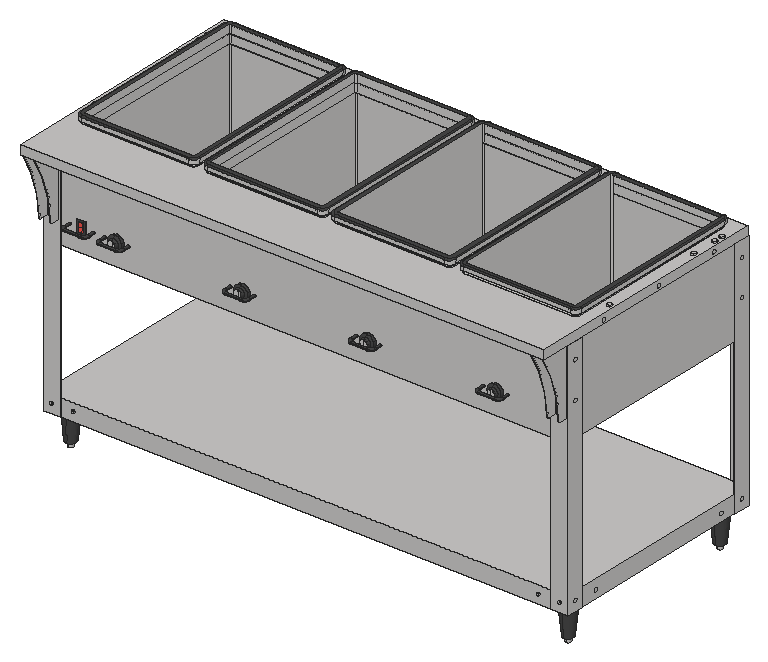
Revit family "QF_VOLLRATH_38218_SERVEWELL_SL_HOT_FOOD_TABLE", category Specialty Equipment, Revit 2022 (continued)
Definition of nested family "QF_VOLLRATH_38203"
  Automatic sketch dimensions
    Revolve 12 sketch curve to Revolve 12 sketch curve = 0.41678"
    Revolve 12 sketch curve to Revolve 12 sketch curve = 0.08253"
    Revolve 12 sketch curve to Revolve 12 sketch curve = 0.3109"
    Revolve 12 sketch curve to plane 10 = 0.12717"
    Revolve 12 sketch curve to Revolve 12 sketch curve = 1/16"
    Revolve 12 sketch curve to Revolve 12 sketch curve = 0"
    Sweep 13 sketch curve to plane 10 = 0"  (x2)
    Sweep 13 sketch curve to plane 10 = 0.83521"
    Sweep 13 sketch curve to plane 7 "Center Y" = 8.758"
    Sweep 13 sketch curve to Sweep 13 sketch curve = 0.41479"
    Sweep 13 sketch curve to plane 10 = 107/128"
    Sweep 13 sketch curve to Sweep 13 sketch curve = 1.92114"
    Sweep 13 sketch curve to profile plane = 0"
    level to Sweep 13 sketch curve = 24 7/16"
    Revolve 14 sketch curve to plane 10 = 0"
    Revolve 14 sketch curve to plane 10 = 0.30475"
    Revolve 14 sketch curve to Revolve 14 sketch curve = 0.13723"
    Revolve 14 sketch curve to Revolve 14 sketch curve = 0.30802"
    Revolve 14 sketch curve to plane 6 "TOP" = 8.74527"
    Revolve 14 sketch curve to Revolve 14 sketch curve = 0.3109"
    Revolve 14 sketch curve to Revolve 14 sketch curve = 0.08253"
    Revolve 14 sketch curve to Revolve 14 sketch curve = 0.41678"
    Revolve 14 sketch curve to plane 10 = 0.12717"
    Revolve 14 sketch curve to Revolve 14 sketch curve = 1/16"
    Revolve 14 sketch curve to Revolve 14 sketch curve = 0"
    Sweep 15 sketch curve to plane 10 = 0"  (x2)
    Sweep 15 sketch curve to plane 10 = 0.83521"
    plane 14 to Sweep 15 sketch curve = 5 1/2"
    Sweep 15 sketch curve to Sweep 15 sketch curve = 0.41479"
    Sweep 15 sketch curve to plane 10 = 107/128"
    Sweep 15 sketch curve to Sweep 15 sketch curve = 1.92114"
    Sweep 15 sketch curve to profile plane = 0"
    level to Sweep 15 sketch curve = 24 7/16"
    Extrusion 2 to Extrusion 16 sketch curve = 1.87224"
    Extrusion 2 to Extrusion 16 sketch curve = 3.81326"
    Extrusion 16 sketch curve to Extrusion 16 sketch curve = 0.29169"
    Extrusion 16 sketch curve to Extrusion 16 sketch curve = 0.41524"
    Extrusion 16 sketch curve to Extrusion 16 sketch curve = 0.29307"
    Extrusion 16 sketch curve to Extrusion 16 sketch curve = 0.27955"
    Extrusion 16 sketch curve to Extrusion 16 sketch curve = 1 1/64"
    Extrusion 16 sketch curve to Extrusion 16 sketch curve = 0.20483"
    Extrusion 17 sketch curve to Extrusion 16 = 0"  (x2)
    Extrusion 17 sketch curve to Extrusion 16 = 0.06481"
    Extrusion 17 sketch curve to Extrusion 16 = 0.46361"
    Extrusion 16 to Extrusion 17 sketch curve = 0.00006"
    Extrusion 17 sketch curve to Extrusion 16 = 0.14238"
    Sweep 18 sketch curve to plane 10 = 0"  (x2)
    Sweep 18 sketch curve to plane 10 = 0.83521"
    plane 12 to Sweep 18 sketch curve = 1 15/32"
    Sweep 18 sketch curve to Sweep 18 sketch curve = 0.41479"
    Sweep 18 sketch curve to plane 10 = 107/128"
    Sweep 18 sketch curve to Sweep 18 sketch curve = 1.92114"
    Sweep 18 sketch curve to profile plane = 0"
    level to Sweep 18 sketch curve = 24 7/16"
    Split face 1 sketch curve to cut or joined group of Extrusion 2, Extrusion 3, Extrusion 4 = 4.12648"
    Split face 1 sketch curve to Split face 1 sketch curve = 7/16"
    cut or joined group of Extrusion 2, Extrusion 3, Extrusion 4 to Split face 1 sketch curve = 7.43183"
    Split face 1 sketch curve to Split face 1 sketch curve = 1"
    Split face 2 sketch curve to cut or joined group of Extrusion 2, Extrusion 3, Extrusion 4 = 3.3811"
    cut or joined group of Extrusion 2, Extrusion 3, Extrusion 4 to Split face 2 sketch curve = 7.88431"
    Split face 3 sketch curve to cut or joined group of Extrusion 2, Extrusion 3, Extrusion 4 = 4.12648"
    Split face 3 sketch curve to Split face 3 sketch curve = 7/16"
    cut or joined group of Extrusion 2, Extrusion 3, Extrusion 4 to Split face 3 sketch curve = 20.44317"
    Split face 3 sketch curve to Split face 3 sketch curve = 1"
    Split face 4 sketch curve to Split face 4 sketch curve = 0"  (x2)
    Split face 4 sketch curve to cut or joined group of Extrusion 2, Extrusion 3, Extrusion 4 = 3.3811"
    cut or joined group of Extrusion 2, Extrusion 3, Extrusion 4 to Split face 4 sketch curve = 19.95944"
    Split face 4 sketch curve to Split face 4 sketch curve = 0.16586"
    Split face 5 sketch curve to cut or joined group of Extrusion 2, Extrusion 3, Extrusion 4 = 4.12648"
    Split face 5 sketch curve to Split face 5 sketch curve = 7/16"
    cut or joined group of Extrusion 2, Extrusion 3, Extrusion 4 to Split face 5 sketch curve = 5.69317"
    Split face 5 sketch curve to Split face 5 sketch curve = 1"
    Split face 6 sketch curve to Split face 6 sketch curve = 0"  (x2)
    Split face 6 sketch curve to cut or joined group of Extrusion 2, Extrusion 3, Extrusion 4 = 3.3811"
    cut or joined group of Extrusion 2, Extrusion 3, Extrusion 4 to Split face 6 sketch curve = 5.19382"
    Split face 6 sketch curve to Split face 6 sketch curve = 0.16586"
    Split face 7 sketch curve to cut or joined group of Extrusion 2, Extrusion 3, Extrusion 4 = 3.21492"
    Split face 7 sketch curve to Split face 7 sketch curve = 3/32"  (x2)
    Split face 7 sketch curve to Split face 7 sketch curve = 1 1/8"
    Split face 7 sketch curve to Split face 7 sketch curve = 1.12522"
    Split face 7 sketch curve to Split face 7 sketch curve = 0.09353"
    cut or joined group of Extrusion 2, Extrusion 3, Extrusion 4 to Split face 7 sketch curve = 11.9592"
    Split face 7 sketch curve to Split face 7 sketch curve = 3 15/16"
    Extrusion 2 to Extrusion 19 sketch curve = 0"  (x4)
    Extrusion 19 sketch curve to Extrusion 19 sketch curve = 5/32"  (x2)
    Extrusion 19 sketch curve to Extrusion 2 = 0.01601"  (x2)
    Extrusion 19 sketch curve to Extrusion 2 = 5/32"  (x9)
    Extrusion 2 to Extrusion 19 sketch curve = 0.01601"  (x2)
    Extrusion 19 sketch curve to Extrusion 2 = 2.89624"  (x4)
    Extrusion 19 sketch curve to Extrusion 2 = 0.14024"
    Extrusion 19 sketch curve to Extrusion 2 = 6.47269"  (x2)
    Extrusion 19 sketch curve to Extrusion 2 = 6.4887"  (x2)
    Extrusion 20 sketch curve to Extrusion 1 = 0.56824"
    Extrusion 20 sketch curve to Extrusion 1 = 0.53699"
    Extrusion 20 sketch curve to Extrusion 1 = 0.50498"  (x2)
    Extrusion 1 to Extrusion 20 sketch curve = 1.56685"
    Extrusion 20 sketch curve to Extrusion 20 sketch curve = 1.04512"
    Extrusion 20 sketch curve to Extrusion 20 sketch curve = 2.99589"
    Extrusion 1 to Extrusion 20 sketch curve = 3.29839"
    Extrusion 2 to Extrusion 21 sketch curve = 1.4413"
    Extrusion 21 sketch curve to Extrusion 2 = 2.52553"
    Extrusion 22 sketch curve to Extrusion 2 = 2.89711"  (x4)
    Extrusion 22 sketch curve to Extrusion 2 = 6.47298"  (x2)
    Extrusion 22 sketch curve to Extrusion 2 = 6.48457"  (x2)
    plane 12 to Extrusion 23 sketch curve = 6.61974"
    Extrusion 23 sketch curve to Extrusion 23 sketch curve = 0.03954"
    Extrusion 23 sketch curve to Extrusion 23 sketch curve = 0.07808"
    Extrusion 23 sketch curve to Extrusion 23 sketch curve = 9/64"
    Extrusion 23 sketch curve to Extrusion 23 sketch curve = 0.29046"
    Extrusion 23 sketch curve to Extrusion 23 sketch curve = 0.10409"
    plane 11 to Extrusion 23 sketch curve = 13 225/256"
    Extrusion 23 sketch curve to Extrusion 23 sketch curve = 0.77431"
    Extrusion 23 sketch curve to Extrusion 23 sketch curve = 0.00199"
    Extrusion 23 sketch curve to Extrusion 23 sketch curve = 0.23749"
    Extrusion 23 sketch curve to Extrusion 23 sketch curve = 0"
    Extrusion 23 sketch curve to Extrusion 23 sketch curve = 0.25882"
    plane 12 to Extrusion 24 sketch curve = 6.80179"
    Extrusion 24 sketch curve to plane 6 "TOP" = 13.11387"
    Extrusion 25 sketch curve to plane 7 "Center Y" = 7.48485"
    Extrusion 25 sketch curve to Extrusion 25 sketch curve = 0.03954"
    Extrusion 25 sketch curve to Extrusion 25 sketch curve = 0.11762"
    Extrusion 25 sketch curve to Extrusion 25 sketch curve = 9/64"
    Extrusion 25 sketch curve to Extrusion 25 sketch curve = 0.29046"
    Extrusion 25 sketch curve to Extrusion 25 sketch curve = 0.10409"
    plane 11 to Extrusion 25 sketch curve = 13 225/256"
    Extrusion 25 sketch curve to Extrusion 25 sketch curve = 0.77431"
    Extrusion 25 sketch curve to Extrusion 25 sketch curve = 0.00199"
    Extrusion 25 sketch curve to Extrusion 25 sketch curve = 0.23749"
    Extrusion 25 sketch curve to Extrusion 25 sketch curve = 0"
    Extrusion 25 sketch curve to Extrusion 25 sketch curve = 0.25882"
    Extrusion 26 sketch curve to plane 7 "Center Y" = 7.29599"
    Extrusion 26 sketch curve to plane 6 "TOP" = 13.11387"
    plane 14 to Extrusion 27 sketch curve = 6.99367"
    Extrusion 27 sketch curve to Extrusion 27 sketch curve = 0.03954"
    Extrusion 27 sketch curve to Extrusion 27 sketch curve = 0.07808"
    Extrusion 27 sketch curve to Extrusion 27 sketch curve = 9/64"
    Extrusion 27 sketch curve to Extrusion 27 sketch curve = 0.29046"
    Extrusion 27 sketch curve to Extrusion 27 sketch curve = 0.10409"
    plane 11 to Extrusion 27 sketch curve = 13 225/256"
    Extrusion 27 sketch curve to Extrusion 27 sketch curve = 0.77431"
    Extrusion 27 sketch curve to Extrusion 27 sketch curve = 0.00199"
    Extrusion 27 sketch curve to Extrusion 27 sketch curve = 0.23749"
    Extrusion 27 sketch curve to Extrusion 27 sketch curve = 0"
    Extrusion 27 sketch curve to Extrusion 27 sketch curve = 0.25882"
    plane 14 to Extrusion 28 sketch curve = 6.81162"
    Extrusion 28 sketch curve to plane 6 "TOP" = 13.11387"
    Extrusion 1 to Extrusion 29 sketch curve = 0.93013"  (x3)
    Extrusion 29 sketch curve to Extrusion 29 sketch curve = 2.99269"
    Extrusion 1 to Extrusion 29 sketch curve = 0.52024"  (x3)
    Extrusion 29 sketch curve to Extrusion 29 sketch curve = 4.0321"
    Extrusion 29 sketch curve to Extrusion 29 sketch curve = 8"  (x2)
    Extrusion 1 to Extrusion 29 sketch curve = 7.39159"
    Extrusion 1 to Extrusion 29 sketch curve = 4.40301"
    Extrusion 29 sketch curve to Extrusion 1 = 1.81291"
    Extrusion 29 sketch curve to Extrusion 29 sketch curve = 0"
    Extrusion 29 sketch curve to Extrusion 29 sketch curve = 2.98858"
    Extrusion 29 sketch curve to Extrusion 1 = 1.79886"
    Extrusion 29 sketch curve to Extrusion 29 sketch curve = 4.15231"
    Extrusion 29 sketch curve to Extrusion 29 sketch curve = 4 1/4"
    Extrusion 29 sketch curve to Extrusion 29 sketch curve = 20 3/4"
    Extrusion 29 sketch curve to Extrusion 29 sketch curve = 20.91394"
    Extrusion 29 sketch curve to Extrusion 29 sketch curve = 0.26147"
    Extrusion 29 sketch curve to Extrusion 29 sketch curve = 0.20927"
    plane 1 "BACK" to Extrusion 30 sketch curve = 0.93013"  (x3)
    plane 9 to Extrusion 30 sketch curve = 0.97789"  (x2)
    Extrusion 30 sketch curve to Extrusion 30 sketch curve = 2.99269"
    Extrusion 30 sketch curve to plane 6 "TOP" = 1.42378"  (x3)
    Extrusion 30 sketch curve to Extrusion 30 sketch curve = 4.0321"
    plane 8 "Center X" to Extrusion 30 sketch curve = 1.78778"
    plane 13 to Extrusion 30 sketch curve = 2.81572"
    plane 10 to Extrusion 30 sketch curve = 3.89159"
    plane 10 to Extrusion 30 sketch curve = 0.90301"  (x3)
    Extrusion 30 sketch curve to plane 11 = 0.81284"
    Extrusion 30 sketch curve to plane 11 = 0.76064"
    Extrusion 30 sketch curve to plane 6 "TOP" = 8.01064"
    Extrusion 30 sketch curve to Extrusion 30 sketch curve = 6.47512"
    Extrusion 30 sketch curve to plane 6 "TOP" = 3.76064"
    Extrusion 30 sketch curve to plane 6 "TOP" = 3.74659"
    Extrusion 31 sketch curve to Extrusion 3 = 0.93848"  (x3)
    Extrusion 31 sketch curve to Extrusion 3 = 1.43848"
    Extrusion 3 to Extrusion 31 sketch curve = 1.09351"  (x4)
    Extrusion 31 sketch curve to Extrusion 31 sketch curve = 53.93555"
    Extrusion 31 sketch curve to Extrusion 31 sketch curve = 2 1/2"
    Extrusion 3 to Extrusion 31 sketch curve = 6.04277"
    Extrusion 31 sketch curve to Extrusion 31 sketch curve = 0"  (x2)
    Extrusion 3 to Extrusion 31 sketch curve = 1.79277"  (x2)
    Extrusion 31 sketch curve to Extrusion 31 sketch curve = 4 1/4"
    Revolve 32 sketch curve to plane 9 = 0"
    Revolve 32 sketch curve to level = 0"
    plane 10 to Revolve 32 sketch curve = 1.00812"
    level to Revolve 32 sketch curve = 9/16"
    plane 10 to Revolve 32 sketch curve = 1.30886"
    Revolve 32 sketch curve to Revolve 32 sketch curve = 0.34739"
    Revolve 32 sketch curve to Revolve 32 sketch curve = 9/32"  (x2)
    Revolve 32 sketch curve to Revolve 32 sketch curve = 1/4"
    Revolve 32 sketch curve to Revolve 32 sketch curve = 1/16"
    Revolve 33 sketch curve to plane 9 = 0"
    Revolve 33 sketch curve to level = 0"
    plane 1 "BACK" to Revolve 33 sketch curve = 1.13312"
    level to Revolve 33 sketch curve = 9/16"
    plane 1 "BACK" to Revolve 33 sketch curve = 1.43386"
    Revolve 33 sketch curve to Revolve 33 sketch curve = 0.34739"
    Revolve 33 sketch curve to Revolve 33 sketch curve = 9/32"  (x2)
    Revolve 33 sketch curve to Revolve 33 sketch curve = 1/16"
    Revolve 33 sketch curve to Revolve 33 sketch curve = 1/4"
    Revolve 34 sketch curve to plane 9 = 0"
    Revolve 34 sketch curve to level = 0"
    plane 1 "BACK" to Revolve 34 sketch curve = 1.13312"
    level to Revolve 34 sketch curve = 9/16"
    plane 1 "BACK" to Revolve 34 sketch curve = 1.43386"
    Revolve 34 sketch curve to Revolve 34 sketch curve = 0.34739"
    Revolve 34 sketch curve to Revolve 34 sketch curve = 9/32"  (x2)
    Revolve 34 sketch curve to level = 1/4"
    Revolve 34 sketch curve to Revolve 34 sketch curve = 1/16"
    plane 13 to Blend 35 sketch curve = 0"
    plane 14 to Blend 35 sketch curve = 4.43727"
    Blend 35 sketch curve to plane 14 = 0.06273"
    plane 10 to Blend 35 sketch curve = 2.97336"
    plane 13 to Blend 35 sketch curve = 1/2"
    plane 14 to Blend 35 sketch curve = 3.93727"
    plane 14 to Blend 35 sketch curve = 0.43727"
    plane 10 to Blend 35 sketch curve = 3.47336"
    plane 13 to Blend 36 sketch curve = 0"
    plane 12 to Blend 36 sketch curve = 4.43727"
    Blend 36 sketch curve to plane 12 = 0.06273"
    plane 10 to Blend 36 sketch curve = 2.97336"
    plane 13 to Blend 36 sketch curve = 1/2"
    plane 12 to Blend 36 sketch curve = 3.93727"
    plane 12 to Blend 36 sketch curve = 0.43727"
    plane 10 to Blend 36 sketch curve = 3.47336"
    plane 14 to Blend 37 sketch curve = 4.43727"
    Blend 37 sketch curve to plane 14 = 0.06273"
    plane 8 "Center X" to Blend 37 sketch curve = 6.8801"
    plane 1 "BACK" to Blend 37 sketch curve = 2.98976"
    plane 14 to Blend 37 sketch curve = 3.93727"
    plane 14 to Blend 37 sketch curve = 0.43727"
    plane 1 "BACK" to Blend 37 sketch curve = 7.3699"
    plane 1 "BACK" to Blend 37 sketch curve = 3.48976"
    plane 12 to Blend 38 sketch curve = 4.43727"
    Blend 38 sketch curve to plane 12 = 0.06273"
    plane 1 "BACK" to Blend 38 sketch curve = 2.98976"
    Blend 38 sketch curve to Blend 38 sketch curve = 4.88014"
    plane 12 to Blend 38 sketch curve = 3.93727"
    plane 12 to Blend 38 sketch curve = 0.43727"
    plane 1 "BACK" to Blend 38 sketch curve = 3.48976"
    Blend 38 sketch curve to Blend 38 sketch curve = 3.88014"
    plane 5 "FRONT" to Extrusion 39 sketch curve = 13.4333"
    Extrusion 39 sketch curve to plane 5 "FRONT" = 0.11477"
    Extrusion 39 sketch curve to plane 10 = 0.80842"
    Extrusion 39 sketch curve to plane 10 = 1/16"
    Extrusion 39 sketch curve to plane 6 "TOP" = 1.94773"
    Extrusion 39 sketch curve to Extrusion 39 sketch curve = 7.40044"
    Extrusion 39 sketch curve to Extrusion 39 sketch curve = 1/4"
    Extrusion 39 sketch curve to plane 6 "TOP" = 10.27256"
    plane 5 "FRONT" to Extrusion 40 sketch curve = 13.4333"
    Extrusion 40 sketch curve to plane 5 "FRONT" = 0.11477"
    Extrusion 40 sketch curve to plane 10 = 0.80842"
    Extrusion 40 sketch curve to plane 10 = 1/16"
    Extrusion 40 sketch curve to plane 6 "TOP" = 1.94773"
    Extrusion 40 sketch curve to Extrusion 40 sketch curve = 7.40044"
    Extrusion 40 sketch curve to Extrusion 40 sketch curve = 1/4"
    Extrusion 40 sketch curve to plane 6 "TOP" = 10.27256"
    plane 14 to Sweep 41 sketch curve = 0.008"
    plane 14 to Sweep 41 sketch curve = 0.508"  (x2)
    plane 10 to Sweep 41 sketch curve = 3.10363"
    Sweep 41 sketch curve to Sweep 41 sketch curve = 12 13/32"  (x2)
    plane 1 "BACK" to Sweep 41 sketch curve = 1.14637"
    Sweep 41 sketch curve to Sweep 41 sketch curve = 1/2"
    Sweep 41 sketch curve to profile plane = 0"
    profile plane to Sweep 41 sketch curve = 0.08859"
    profile plane to Sweep 41 sketch curve = 0.21124"
    Sweep 41 sketch curve to Sweep 41 sketch curve = 0.00751"
    Sweep 41 sketch curve to profile plane = 1/32"
    Sweep 41 sketch curve to profile plane = 11/32"
    level to Sweep 41 sketch curve = 21 225/256"
    Sweep 41 sketch curve to Sweep 41 sketch curve = 11.21753"
    Sweep 41 sketch curve to Sweep 41 sketch curve = 0.19131"
    Sweep 41 sketch curve to Sweep 41 sketch curve = 0.43234"
    plane 10 to Sweep 42 sketch curve = 3.60363"
    plane 7 "Center Y" to Sweep 42 sketch curve = 14.258"
    Sweep 42 sketch curve to Sweep 42 sketch curve = 1/2"  (x3)
    plane 7 "Center Y" to Sweep 42 sketch curve = 1.008"  (x2)
    plane 1 "BACK" to Sweep 42 sketch curve = 1.64637"
    Sweep 42 sketch curve to profile plane = 0"
    profile plane to Sweep 42 sketch curve = 0.08859"
    profile plane to Sweep 42 sketch curve = 0.21124"
    Sweep 42 sketch curve to Sweep 42 sketch curve = 0.00751"
    Sweep 42 sketch curve to profile plane = 1/32"
    Sweep 42 sketch curve to profile plane = 11/32"
    level to Sweep 42 sketch curve = 21 225/256"
    Sweep 42 sketch curve to Sweep 42 sketch curve = 11.21753"
    Sweep 42 sketch curve to Sweep 42 sketch curve = 0.19131"
    Sweep 42 sketch curve to Sweep 42 sketch curve = 0.43234"
    plane 7 "Center Y" to Extrusion 43 sketch curve = 7.48485"
    Extrusion 43 sketch curve to Extrusion 43 sketch curve = 0.03954"
    Extrusion 43 sketch curve to Extrusion 43 sketch curve = 0.11762"
    Extrusion 43 sketch curve to Extrusion 43 sketch curve = 9/64"
    Extrusion 43 sketch curve to Extrusion 43 sketch curve = 0.29046"
    Extrusion 43 sketch curve to Extrusion 43 sketch curve = 0.10409"
    Extrusion 43 sketch curve to plane 6 "TOP" = 12.62787"
    Extrusion 43 sketch curve to Extrusion 43 sketch curve = 0.25212"
    Extrusion 43 sketch curve to Extrusion 43 sketch curve = 0.25882"
    Extrusion 43 sketch curve to Extrusion 43 sketch curve = 0.2273"
    Extrusion 43 sketch curve to Extrusion 43 sketch curve = 0"
    Extrusion 43 sketch curve to Extrusion 43 sketch curve = 0.77431"
    plane 14 to Extrusion 44 sketch curve = 6.80179"
    Extrusion 44 sketch curve to plane 6 "TOP" = 13.11387"
    plane 7 "Center Y" to Extrusion 45 sketch curve = 7.29599"
    Extrusion 45 sketch curve to plane 6 "TOP" = 13.11387"
    Revolve 46 sketch curve to plane 10 = 0"
    Revolve 46 sketch curve to plane 10 = 0.30475"
    Revolve 46 sketch curve to Revolve 46 sketch curve = 0.13723"
    Revolve 46 sketch curve to Revolve 46 sketch curve = 0.30802"
    Revolve 46 sketch curve to plane 6 "TOP" = 8.74527"
    Revolve 46 sketch curve to Revolve 46 sketch curve = 0.3109"
    Revolve 46 sketch curve to Revolve 46 sketch curve = 0.08253"
    Revolve 46 sketch curve to Revolve 46 sketch curve = 0.41678"
    Revolve 46 sketch curve to plane 10 = 0.12717"
    Revolve 46 sketch curve to Revolve 46 sketch curve = 1/16"
    Revolve 46 sketch curve to Revolve 46 sketch curve = 0"
    Split face 8 sketch curve to cut or joined group of Extrusion 2, Extrusion 3, Extrusion 4 = 4.12648"
    Split face 8 sketch curve to Split face 8 sketch curve = 7/16"
    cut or joined group of Extrusion 2, Extrusion 3, Extrusion 4 to Split face 8 sketch curve = 22.05683"
    Split face 8 sketch curve to Split face 8 sketch curve = 1"
    Split face 9 sketch curve to Split face 9 sketch curve = 0"  (x2)
    Split face 9 sketch curve to cut or joined group of Extrusion 2, Extrusion 3, Extrusion 4 = 3.3811"
    cut or joined group of Extrusion 2, Extrusion 3, Extrusion 4 to Split face 9 sketch curve = 22.52331"
    Split face 9 sketch curve to Split face 9 sketch curve = 0.16586"
    Sweep 47 sketch curve to plane 10 = 0"  (x2)
    Sweep 47 sketch curve to plane 10 = 0.83521"
    plane 7 "Center Y" to Sweep 47 sketch curve = 5.85098"
    Sweep 47 sketch curve to Sweep 47 sketch curve = 0.41479"
    Sweep 47 sketch curve to plane 10 = 107/128"
    Sweep 47 sketch curve to Sweep 47 sketch curve = 1.92114"
    Sweep 47 sketch curve to profile plane = 0"
    level to Sweep 47 sketch curve = 24 7/16"
    Extrusion 48 sketch curve to Extrusion 1 = 0.56824"
    Extrusion 48 sketch curve to Extrusion 1 = 0.53699"
    Extrusion 48 sketch curve to Extrusion 1 = 0.50498"  (x2)
    Extrusion 1 to Extrusion 48 sketch curve = 3.29839"
    Extrusion 1 to Extrusion 48 sketch curve = 5.60786"
    Extrusion 1 to Extrusion 48 sketch curve = 2.61197"
    Extrusion 48 sketch curve to Extrusion 48 sketch curve = 1.04512"
    plane 4 "RIGHT" to curve 86 = 0.56824"
    plane 13 to curve 86 = 1.10773"
    curve 85 to curve 85 = 1/4"
    plane 4 "RIGHT" to curve 87 = 0.53699"
    curve 88 to curve 78 = 5.45161"
    curve 88 to curve 87 = 1/4"
    plane 4 "RIGHT" to curve 90 = 0.50498"
    curve 89 to curve 78 = 2.45572"
    curve 89 to curve 89 = 1/4"
    curve 91 to curve 92 = 0"  (x2)
    plane 4 "RIGHT" to curve 92 = 0.50498"
    curve 89 to curve 91 = 1.04512"
    curve 91 to curve 91 = 1/4"
    Extrusion 22 sketch curve to Extrusion 22 sketch curve = 0"  (x8)
    radius of Sweep 11 sketch curve = 1/8"
    radius of Sweep 13 sketch curve = 1/8"
    radius of Sweep 15 sketch curve = 1/8"
    radius of Sweep 18 sketch curve = 1/8"
    radius of Split face 2 sketch curve = 0.16586"
    radius of Extrusion 19 sketch curve to Extrusion 2 = 0"  (x4)
    radius of Extrusion 19 sketch curve = 1/2"  (x4)
    radius of Extrusion 20 sketch curve = 1/4"  (x4)
    radius of Extrusion 21 sketch curve = 1/2"
    radius of Extrusion 22 sketch curve = 1/2"  (x4)
    radius of Extrusion 24 sketch curve = 1/4"
    radius of Extrusion 26 sketch curve = 1/4"
    radius of Extrusion 28 sketch curve = 1/4"
    radius of Extrusion 29 sketch curve = 0.17669"  (x11)
    radius of Extrusion 30 sketch curve = 0.17669"  (x11)
    radius of Extrusion 31 sketch curve = 0.14866"  (x8)
    radius of Extrusion 44 sketch curve = 1/4"
    radius of Extrusion 45 sketch curve = 1/4"
    radius of Sweep 47 sketch curve = 1/8"
    radius of Extrusion 48 sketch curve = 1/4"  (x4)
    radius of Extrusion 22 sketch curve = 9/16"  (x4)
  Connectors (in)
    electrical at (4.37729, -23.99392, 21.75393)
      settings: on Extrusion 21, index 1, voltage 0 V, apparent load 0 VA, apparent load phase1 0 VA, apparent load phase2 0 VA, apparent load phase3 0 VA, power factor 1, load classification none, number of poles 1, system type 30, power factor state 1, is connector primary yes, connector utility no, sub classification motor no, connector description "ELECTRICAL CONNECTION"
